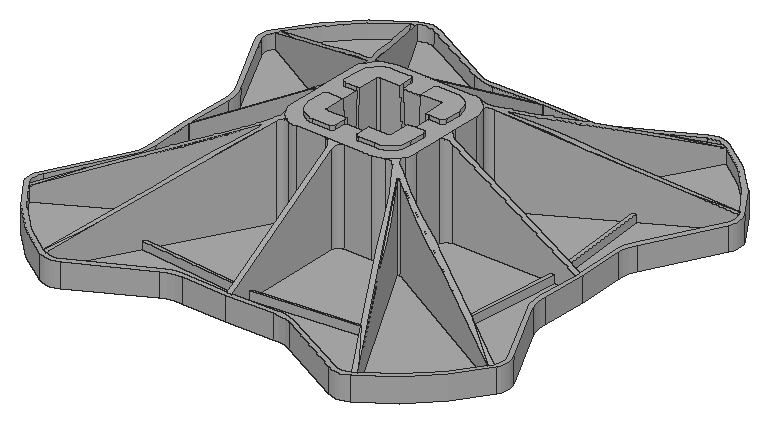
Revit family "Dachhalter BIG FOOT 330", category HLS-Bauteile, Revit 2023
Family settings
  Bemaßung runder Anschluss = Durchmesser verwenden
  Klassifizierung = Keine
  Teiletyp = Normal
  Arbeitsebenenbasiert = Ja
  Immer vertikal = Nein
  Beim Laden mit Abzugskörper schneiden = Nein
  Beschriftungsausrichtung beibehalten = Nein
  Gemeinsam genutzt = Ja
  Raumberechnungspunkt = Nein
Parameters
  vpe = "2"
  passend für = "C-Profil 45/45"
  max. Temperaturbeständigkeit = "80 °C"
  Default Elevation = 1219.2 mm
  Regelhalter [instance] = ""
  Profiltyp = "45"
  Profil = "C-Profil"
  Mengeneinheit = "St"
  Materialname = "Polyamid 6"
  Material = "Kunststoff"
  Länge Platte = 330 mm
  Kurztext2 = "für C-Profil 45/45"
  Kurztext1 = "Dachhalter BIG FOOT® 330"
  Gewicht pro Bauteil = Gewicht  # 1.00 kg
  Gewicht = 1.00 kg
  Fabrikat = "MEFA"
  EAN = "4250928468918"
  Breite Platte = 330 mm
  Artikelnummer = "08197624"
Reference planes
  plane 1 "Mitte (Vorne/hinten)": y = 0
  plane 2: z = 0
  plane 3 "Mitte (Links/rechts)": x = 0
  plane 4 "oben": z = 71
Forms (mm)
  Extrusion 1, solid, material "MEFA PA 6"
    sketch origin (0, 0, 0) x (1, 0, 0) y (0, 1, 0)
      loop
        arc (-92.67, 163.502) -> (-99.992, 165.249) -> (-107.242, 163.219) r 15
        arc (-107.242, 163.219) -> (-138.992, 138.987) -> (-163.222, 107.236) r 150
        arc (-163.222, 107.236) -> (-165.249, 99.989) -> (-163.502, 92.67) r 15
        line (-163.502, 92.67) -> (-138.498, 44.638)
        arc (-138.498, 44.638) -> (-136.225, 38.238) -> (-135.758, 31.463) r 25
        line (-135.758, 31.463) -> (-136.857, 0) -> (-135.758, -31.463)
        arc (-135.758, -31.463) -> (-136.225, -38.238) -> (-138.498, -44.638) r 25
        line (-138.498, -44.638) -> (-163.502, -92.67)
        arc (-163.502, -92.67) -> (-165.249, -99.989) -> (-163.222, -107.236) r 15
        arc (-163.222, -107.236) -> (-138.992, -138.987) -> (-107.242, -163.219) r 150
        arc (-107.242, -163.219) -> (-99.992, -165.249) -> (-92.67, -163.502) r 15
        line (-92.67, -163.502) -> (-44.638, -138.498)
        arc (-44.638, -138.498) -> (-38.238, -136.225) -> (-31.463, -135.758) r 25
        line (-31.463, -135.758) -> (0, -136.857) -> (31.463, -135.758)
        arc (31.463, -135.758) -> (38.238, -136.225) -> (44.638, -138.498) r 25
        line (44.638, -138.498) -> (92.67, -163.502)
        arc (92.67, -163.502) -> (99.992, -165.249) -> (107.242, -163.219) r 15
        arc (107.242, -163.219) -> (138.992, -138.987) -> (163.222, -107.236) r 150
        arc (163.222, -107.236) -> (165.249, -99.989) -> (163.502, -92.67) r 15
        line (163.502, -92.67) -> (138.498, -44.638)
        arc (138.498, -44.638) -> (136.225, -38.238) -> (135.758, -31.463) r 25
        line (135.758, -31.463) -> (136.857, 0) -> (135.758, 31.463)
        arc (135.758, 31.463) -> (136.225, 38.238) -> (138.498, 44.638) r 25
        line (138.498, 44.638) -> (163.502, 92.67)
        arc (163.502, 92.67) -> (165.249, 99.989) -> (163.222, 107.236) r 15
        arc (163.222, 107.236) -> (138.992, 138.987) -> (107.242, 163.219) r 150
        arc (107.242, 163.219) -> (99.992, 165.249) -> (92.67, 163.502) r 15
        line (92.67, 163.502) -> (44.638, 138.498)
        arc (44.638, 138.498) -> (38.238, 136.225) -> (31.463, 135.758) r 25
        line (31.463, 135.758) -> (0, 136.857) -> (-31.463, 135.758)
        arc (-31.463, 135.758) -> (-38.238, 136.225) -> (-44.638, 138.498) r 25
        line (-44.638, 138.498) -> (-92.67, 163.502)
    from 0 to 16.5
  Extrusion 2, void, detail levels medium+fine
    sketch origin (0, 0, 71) x (-1, 0, 0) y (0, -1, 0)
      loop
        line (47.129, -48.49) -> (108.669, -158.691)
        arc (108.669, -158.691) -> (136.711, -136.711) -> (158.691, -108.669) r 148.088
        line (158.691, -108.669) -> (48.49, -47.129)
        arc (48.49, -47.129) -> (47.295, -47.295) -> (47.129, -48.49) r 1
      loop
        line (43.376, -40.304) -> (160.381, -105.644)
        arc (160.381, -105.644) -> (161.998, -99.916) -> (160.665, -94.116) r 12
        line (160.665, -94.116) -> (135.673, -46.108)
        arc (135.673, -46.108) -> (133.099, -38.888) -> (132.582, -31.24) r 27.963
        line (132.582, -31.24) -> (133.667, -2.739) -> (133.667, -1.733) -> (48.085, -1.733)
        arc (48.085, -1.733) -> (44.55, -3.197) -> (43.085, -6.732) r 5
        line (43.085, -6.732) -> (43.085, -25.898)
        arc (43.085, -25.898) -> (42.623, -29.861) -> (41.259, -33.611) r 17.202
        arc (41.259, -33.611) -> (40.959, -37.387) -> (43.376, -40.304) r 5.036
      loop
        arc (47.129, 48.49) -> (47.295, 47.295) -> (48.49, 47.129) r 1
        line (48.49, 47.129) -> (158.691, 108.669)
        arc (158.691, 108.669) -> (136.711, 136.711) -> (108.669, 158.691) r 148.088
        line (108.669, 158.691) -> (47.129, 48.49)
      loop
        arc (43.376, 40.304) -> (40.959, 37.387) -> (41.259, 33.611) r 5.036
        arc (41.259, 33.611) -> (42.623, 29.861) -> (43.085, 25.898) r 17.202
        line (43.085, 25.898) -> (43.085, 6.732)
        arc (43.085, 6.732) -> (44.55, 3.197) -> (48.085, 1.733) r 5
        line (48.085, 1.733) -> (133.667, 1.733) -> (133.667, 2.739) -> (132.582, 31.24)
        arc (132.582, 31.24) -> (133.099, 38.888) -> (135.673, 46.108) r 27.963
        line (135.673, 46.108) -> (160.665, 94.116)
        arc (160.665, 94.116) -> (161.998, 99.916) -> (160.381, 105.644) r 12
        line (160.381, 105.644) -> (43.376, 40.304)
      loop
        arc (40.304, -43.376) -> (37.387, -40.959) -> (33.611, -41.259) r 5.036
        arc (33.611, -41.259) -> (29.861, -42.623) -> (25.898, -43.085) r 17.202
        line (25.898, -43.085) -> (6.732, -43.085)
        arc (6.732, -43.085) -> (3.197, -44.55) -> (1.733, -48.085) r 5
        line (1.733, -48.085) -> (1.733, -133.667) -> (2.739, -133.667) -> (31.24, -132.582)
        arc (31.24, -132.582) -> (38.888, -133.099) -> (46.108, -135.673) r 27.963
        line (46.108, -135.673) -> (94.116, -160.665)
        arc (94.116, -160.665) -> (99.916, -161.998) -> (105.644, -160.381) r 12
        line (105.644, -160.381) -> (40.304, -43.376)
      loop
        line (40.304, 43.376) -> (105.644, 160.381)
        arc (105.644, 160.381) -> (99.916, 161.998) -> (94.116, 160.665) r 12
        line (94.116, 160.665) -> (46.108, 135.673)
        arc (46.108, 135.673) -> (38.888, 133.099) -> (31.24, 132.582) r 27.963
        line (31.24, 132.582) -> (2.739, 133.667) -> (1.733, 133.667) -> (1.733, 48.085)
        arc (1.733, 48.085) -> (3.197, 44.55) -> (6.732, 43.085) r 5
        line (6.732, 43.085) -> (25.898, 43.085)
        arc (25.898, 43.085) -> (29.861, 42.623) -> (33.611, 41.259) r 17.202
        arc (33.611, 41.259) -> (37.387, 40.959) -> (40.304, 43.376) r 5.036
      loop
        arc (-47.129, -48.49) -> (-47.295, -47.295) -> (-48.49, -47.129) r 1
        line (-48.49, -47.129) -> (-158.691, -108.669)
        arc (-158.691, -108.669) -> (-136.711, -136.711) -> (-108.669, -158.691) r 148.088
        line (-108.669, -158.691) -> (-47.129, -48.49)
      loop
        arc (-43.376, -40.304) -> (-40.959, -37.387) -> (-41.259, -33.611) r 5.036
        arc (-41.259, -33.611) -> (-42.623, -29.861) -> (-43.085, -25.898) r 17.202
        line (-43.085, -25.898) -> (-43.085, -6.732)
        arc (-43.085, -6.732) -> (-44.55, -3.197) -> (-48.085, -1.733) r 5
        line (-48.085, -1.733) -> (-133.667, -1.733) -> (-133.667, -2.739) -> (-132.582, -31.24)
        arc (-132.582, -31.24) -> (-133.099, -38.888) -> (-135.673, -46.108) r 27.963
        line (-135.673, -46.108) -> (-160.665, -94.116)
        arc (-160.665, -94.116) -> (-161.998, -99.916) -> (-160.381, -105.644) r 12
        line (-160.381, -105.644) -> (-43.376, -40.304)
      loop
        line (-47.129, 48.49) -> (-108.669, 158.691)
        arc (-108.669, 158.691) -> (-136.711, 136.711) -> (-158.691, 108.669) r 148.088
        line (-158.691, 108.669) -> (-48.49, 47.129)
        arc (-48.49, 47.129) -> (-47.295, 47.295) -> (-47.129, 48.49) r 1
      loop
        line (-43.376, 40.304) -> (-160.381, 105.644)
        arc (-160.381, 105.644) -> (-161.998, 99.916) -> (-160.665, 94.116) r 12
        line (-160.665, 94.116) -> (-135.673, 46.108)
        arc (-135.673, 46.108) -> (-133.099, 38.888) -> (-132.582, 31.24) r 27.963
        line (-132.582, 31.24) -> (-133.667, 2.739) -> (-133.667, 1.733) -> (-48.085, 1.733)
        arc (-48.085, 1.733) -> (-44.55, 3.197) -> (-43.085, 6.732) r 5
        line (-43.085, 6.732) -> (-43.085, 25.898)
        arc (-43.085, 25.898) -> (-42.623, 29.861) -> (-41.259, 33.611) r 17.202
        arc (-41.259, 33.611) -> (-40.959, 37.387) -> (-43.376, 40.304) r 5.036
      loop
        line (-40.304, -43.376) -> (-105.644, -160.381)
        arc (-105.644, -160.381) -> (-99.916, -161.998) -> (-94.116, -160.665) r 12
        line (-94.116, -160.665) -> (-46.108, -135.673)
        arc (-46.108, -135.673) -> (-38.888, -133.099) -> (-31.24, -132.582) r 27.963
        line (-31.24, -132.582) -> (-2.739, -133.667) -> (-1.733, -133.667) -> (-1.733, -48.085)
        arc (-1.733, -48.085) -> (-3.197, -44.55) -> (-6.732, -43.085) r 5
        line (-6.732, -43.085) -> (-25.898, -43.085)
        arc (-25.898, -43.085) -> (-29.861, -42.623) -> (-33.611, -41.259) r 17.202
        arc (-33.611, -41.259) -> (-37.387, -40.959) -> (-40.304, -43.376) r 5.036
      loop
        arc (-40.304, 43.376) -> (-37.387, 40.959) -> (-33.611, 41.259) r 5.036
        arc (-33.611, 41.259) -> (-29.861, 42.623) -> (-25.898, 43.085) r 17.202
        line (-25.898, 43.085) -> (-6.732, 43.085)
        arc (-6.732, 43.085) -> (-3.197, 44.55) -> (-1.733, 48.085) r 5
        line (-1.733, 48.085) -> (-1.733, 133.667) -> (-2.739, 133.667) -> (-31.24, 132.582)
        arc (-31.24, 132.582) -> (-38.888, 133.099) -> (-46.108, 135.673) r 27.963
        line (-46.108, 135.673) -> (-94.116, 160.665)
        arc (-94.116, 160.665) -> (-99.916, 161.998) -> (-105.644, 160.381) r 12
        line (-105.644, 160.381) -> (-40.304, 43.376)
    from -64.5 to 0
  Blend 3, solid, material "MEFA PA 6"
    base sketch origin (0, 0, 71) x (-1, 0, 0) y (0, -1, 0)
      loop
        line (158.691, -108.669) -> (160.381, -105.644)
        arc (160.381, -105.644) -> (161.998, -99.916) -> (160.665, -94.116) r 12
        line (160.665, -94.116) -> (135.673, -46.108)
        arc (135.673, -46.108) -> (133.099, -38.888) -> (132.582, -31.24) r 27.963
        line (132.582, -31.24) -> (133.667, -2.739) -> (133.667, 2.739) -> (132.582, 31.24)
        arc (132.582, 31.24) -> (133.099, 38.888) -> (135.673, 46.108) r 27.963
        line (135.673, 46.108) -> (160.665, 94.116)
        arc (160.665, 94.116) -> (161.998, 99.916) -> (160.381, 105.644) r 12
        line (160.381, 105.644) -> (158.691, 108.669)
        arc (158.691, 108.669) -> (136.705, 136.717) -> (108.655, 158.7) r 148.088
        line (108.655, 158.7) -> (105.644, 160.381)
        arc (105.644, 160.381) -> (99.916, 161.998) -> (94.116, 160.665) r 12
        line (94.116, 160.665) -> (46.108, 135.673)
        arc (46.108, 135.673) -> (38.888, 133.099) -> (31.24, 132.582) r 27.963
        line (31.24, 132.582) -> (2.739, 133.667) -> (-2.739, 133.667) -> (-31.24, 132.582)
        arc (-31.24, 132.582) -> (-38.888, 133.099) -> (-46.108, 135.673) r 27.963
        line (-46.108, 135.673) -> (-94.116, 160.665)
        arc (-94.116, 160.665) -> (-99.916, 161.998) -> (-105.644, 160.381) r 12
        line (-105.644, 160.381) -> (-108.655, 158.7)
        arc (-108.655, 158.7) -> (-136.705, 136.717) -> (-158.691, 108.669) r 148.088
        line (-158.691, 108.669) -> (-160.381, 105.644)
        arc (-160.381, 105.644) -> (-161.998, 99.916) -> (-160.665, 94.116) r 12
        line (-160.665, 94.116) -> (-135.673, 46.108)
        arc (-135.673, 46.108) -> (-133.099, 38.888) -> (-132.582, 31.24) r 27.963
        line (-132.582, 31.24) -> (-133.667, 2.739) -> (-133.667, -2.739) -> (-132.582, -31.24)
        arc (-132.582, -31.24) -> (-133.099, -38.888) -> (-135.673, -46.108) r 27.963
        line (-135.673, -46.108) -> (-160.665, -94.116)
        arc (-160.665, -94.116) -> (-161.998, -99.916) -> (-160.381, -105.644) r 12
        line (-160.381, -105.644) -> (-158.691, -108.669)
        arc (-158.691, -108.669) -> (-136.705, -136.717) -> (-108.655, -158.7) r 148.088
        line (-108.655, -158.7) -> (-105.644, -160.381)
        arc (-105.644, -160.381) -> (-99.916, -161.998) -> (-94.116, -160.665) r 12
        line (-94.116, -160.665) -> (-46.108, -135.673)
        arc (-46.108, -135.673) -> (-38.888, -133.099) -> (-31.24, -132.582) r 27.963
        line (-31.24, -132.582) -> (-2.739, -133.667) -> (2.739, -133.667) -> (31.24, -132.582)
        arc (31.24, -132.582) -> (38.888, -133.099) -> (46.108, -135.673) r 27.963
        line (46.108, -135.673) -> (94.116, -160.665)
        arc (94.116, -160.665) -> (99.916, -161.998) -> (105.644, -160.381) r 12
        line (105.644, -160.381) -> (108.655, -158.7)
        arc (108.655, -158.7) -> (136.705, -136.717) -> (158.691, -108.669) r 148.088
    top sketch origin (0, 0, 71) x (-1, 0, 0) y (0, -1, 0)
      loop
        arc (25.898, -43.085) -> (38.051, -38.051) -> (43.085, -25.898) r 17.188
        line (43.085, -25.898) -> (43.085, 25.898)
        arc (43.085, 25.898) -> (38.051, 38.051) -> (25.898, 43.085) r 17.188
        line (25.898, 43.085) -> (-25.898, 43.085)
        arc (-25.898, 43.085) -> (-38.051, 38.051) -> (-43.085, 25.898) r 17.188
        line (-43.085, 25.898) -> (-43.085, -25.898)
        arc (-43.085, -25.898) -> (-38.051, -38.051) -> (-25.898, -43.085) r 17.188
        line (-25.898, -43.085) -> (25.898, -43.085)
    from -54.5 to 0
  Extrusion 4, void
    sketch origin (0, 0, 71) x (-1, 0, 0) y (0, -1, 0)
      loop
        line (25, -21.026) -> (25, 21.026)
        arc (25, 21.026) -> (23.828, 23.854) -> (21, 25.026) r 4
        line (21, 25.026) -> (-21, 25.026)
        arc (-21, 25.026) -> (-23.828, 23.854) -> (-25, 21.026) r 4
        line (-25, 21.026) -> (-25, -21.026)
        arc (-25, -21.026) -> (-23.828, -23.854) -> (-21, -25.026) r 4
        line (-21, -25.026) -> (21, -25.026)
        arc (21, -25.026) -> (23.828, -23.854) -> (25, -21.026) r 4
    from -57 to 0
  Extrusion 5, solid, material "MEFA PA 6"
    sketch origin (0, 0, 0) x (1, 0, 0) y (0, 1, 0)
      loop
        arc (-118.856, 0.125) -> (-116.954, -39.267) -> (-111.357, -78.307) r 418.933
        line (-111.357, -78.307) -> (-109.549, -77.297)
        arc (-109.549, -77.297) -> (-115.003, -38.756) -> (-116.856, 0.125) r 418.933
        arc (-116.856, 0.125) -> (-114.991, 38.881) -> (-109.549, 77.297) r 419.112
        line (-109.549, 77.297) -> (-111.357, 78.307)
        arc (-111.357, 78.307) -> (-116.942, 39.392) -> (-118.856, 0.125) r 419.112
      loop
        arc (-0.125, 118.856) -> (-39.392, 116.942) -> (-78.307, 111.357) r 419.112
        line (-78.307, 111.357) -> (-77.297, 109.549)
        arc (-77.297, 109.549) -> (-38.881, 114.991) -> (-0.125, 116.856) r 419.112
        arc (-0.125, 116.856) -> (38.756, 115.003) -> (77.297, 109.549) r 418.933
        line (77.297, 109.549) -> (78.307, 111.357)
        arc (78.307, 111.357) -> (39.267, 116.954) -> (-0.125, 118.856) r 418.933
      loop
        arc (0.125, -118.856) -> (39.392, -116.942) -> (78.307, -111.357) r 419.112
        line (78.307, -111.357) -> (77.297, -109.549)
        arc (77.297, -109.549) -> (38.881, -114.991) -> (0.125, -116.856) r 419.112
        arc (0.125, -116.856) -> (-38.756, -115.003) -> (-77.297, -109.549) r 418.933
        line (-77.297, -109.549) -> (-78.307, -111.357)
        arc (-78.307, -111.357) -> (-39.267, -116.954) -> (0.125, -118.856) r 418.933
      loop
        arc (118.856, -0.125) -> (116.954, 39.267) -> (111.357, 78.307) r 418.933
        line (111.357, 78.307) -> (109.549, 77.297)
        arc (109.549, 77.297) -> (115.003, 38.756) -> (116.856, -0.125) r 418.933
        arc (116.856, -0.125) -> (114.991, -38.881) -> (109.549, -77.297) r 419.112
        line (109.549, -77.297) -> (111.357, -78.307)
        arc (111.357, -78.307) -> (116.942, -39.392) -> (118.856, -0.125) r 419.112
    from 0 to 12
Cuts and joins
  Extrusion 2, Extrusion 4 cuts Extrusion 1
  Extrusion 2, Extrusion 4 cuts Blend 3
  joined: Extrusion 1, Blend 3
Dimensions and locks
  locked: plane 4 "oben" to level at 71
  aligned and locked: level to plane 2
Nested families
  nested 1: "BigFoot Einsatz" at (0, 0, 71), type "BigFoot Einsatz"
    with Regelhalter ""
Definition of nested family "BigFoot Einsatz"
  Parameters (values of type "BigFoot Einsatz")
    Default Elevation = 1219.2 mm
    Regelhalter [instance] = ""
    Gewicht pro Bauteil = Gewicht  # 0.00 kg
    Gewicht = 0.00 kg
    Artikelnummer = ""
  Reference planes
    plane 1 "Mitte (Vorne/hinten)": y = 0
    plane 2: z = 0
    plane 3 "Mitte (Links/rechts)": x = 0
    plane 4 "oben": z = 2.5
    plane 5: z = -59.5
    plane 6: z = -57
    plane 7: y = 7.5
    plane 8: y = -7.5
  Forms (mm)
    Extrusion 1, solid
      sketch origin (0, 0, 0) x (1, 0, 0) y (0, 1, 0)
        loop
          arc (-35.095, 10) -> (-34.363, 8.232) -> (-32.595, 7.5) r 2.5
          line (-32.595, 7.5) -> (-25, 7.5) -> (-25, -7.5) -> (-32.595, -7.5)
          arc (-32.595, -7.5) -> (-34.363, -8.232) -> (-35.095, -10) r 2.5
          line (-35.095, -10) -> (-35.095, -21.013)
          arc (-35.095, -21.013) -> (-31.022, -30.848) -> (-21.187, -34.922) r 13.909
          line (-21.187, -34.922) -> (-10.025, -34.922)
          arc (-10.025, -34.922) -> (-8.257, -34.19) -> (-7.525, -32.422) r 2.5
          line (-7.525, -32.422) -> (-7.525, -25.026) -> (7.525, -25.026) -> (7.525, -32.422)
          arc (7.525, -32.422) -> (8.257, -34.19) -> (10.025, -34.922) r 2.5
          line (10.025, -34.922) -> (21.187, -34.922)
          arc (21.187, -34.922) -> (31.022, -30.848) -> (35.095, -21.013) r 13.909
          line (35.095, -21.013) -> (35.095, -10)
          arc (35.095, -10) -> (34.363, -8.232) -> (32.595, -7.5) r 2.5
          line (32.595, -7.5) -> (25, -7.5) -> (25, 7.5) -> (32.595, 7.5)
          arc (32.595, 7.5) -> (34.363, 8.232) -> (35.095, 10) r 2.5
          line (35.095, 10) -> (35.095, 21.013)
          arc (35.095, 21.013) -> (31.022, 30.848) -> (21.187, 34.922) r 13.909
          line (21.187, 34.922) -> (10.025, 34.922)
          arc (10.025, 34.922) -> (8.257, 34.19) -> (7.525, 32.422) r 2.5
          line (7.525, 32.422) -> (7.525, 25.026) -> (-7.525, 25.026) -> (-7.525, 32.422)
          arc (-7.525, 32.422) -> (-8.257, 34.19) -> (-10.025, 34.922) r 2.5
          line (-10.025, 34.922) -> (-21.187, 34.922)
          arc (-21.187, 34.922) -> (-31.022, 30.848) -> (-35.095, 21.013) r 13.909
          line (-35.095, 21.013) -> (-35.095, 10)
        loop
          line (-22.687, 21.013) -> (-22.687, -21.187)
          arc (-22.687, -21.187) -> (-22.247, -22.247) -> (-21.187, -22.687) r 1.5
          line (-21.187, -22.687) -> (21.013, -22.687)
          arc (21.013, -22.687) -> (22.074, -22.247) -> (22.513, -21.187) r 1.5
          line (22.513, -21.187) -> (22.513, 21.013)
          arc (22.513, 21.013) -> (22.074, 22.074) -> (21.013, 22.513) r 1.5
          line (21.013, 22.513) -> (-21.187, 22.513)
          arc (-21.187, 22.513) -> (-22.247, 22.074) -> (-22.687, 21.013) r 1.5
      from 0 to 2.5
    Extrusion 2, solid
      sketch origin (0, 0, 0) x (1, 0, 0) y (0, 1, 0)
        loop
          line (25, -21.026) -> (25, 21.026)
          arc (25, 21.026) -> (23.828, 23.854) -> (21, 25.026) r 4
          line (21, 25.026) -> (-21, 25.026)
          arc (-21, 25.026) -> (-23.828, 23.854) -> (-25, 21.026) r 4
          line (-25, 21.026) -> (-25, -21.026)
          arc (-25, -21.026) -> (-23.828, -23.854) -> (-21, -25.026) r 4
          line (-21, -25.026) -> (21, -25.026)
          arc (21, -25.026) -> (23.828, -23.854) -> (25, -21.026) r 4
      from 2.5 to -59.5
    Extrusion 3, void
      sketch origin (0, 0, 0) x (1, 0, 0) y (0, 1, 0)
        loop
          arc (-21.187, 22.513) -> (-22.247, 22.074) -> (-22.687, 21.013) r 1.5
          line (-22.687, 21.013) -> (-22.687, -21.187)
          arc (-22.687, -21.187) -> (-22.247, -22.247) -> (-21.187, -22.687) r 1.5
          line (-21.187, -22.687) -> (21.013, -22.687)
          arc (21.013, -22.687) -> (22.074, -22.247) -> (22.513, -21.187) r 1.5
          line (22.513, -21.187) -> (22.513, 21.013)
          arc (22.513, 21.013) -> (22.074, 22.074) -> (21.013, 22.513) r 1.5
          line (21.013, 22.513) -> (-21.187, 22.513)
      from 2.5 to -57
    Extrusion 4, void, detail levels fine
      sketch origin (0, 0, 0) x (1, 0, 0) y (0, 0, 1)
        loop
          line (-7.468, 2.5) -> (-5.225, -40.31)
          arc (-5.225, -40.31) -> (0, -45.015) -> (5.225, -40.31) r 5.253
          line (5.225, -40.31) -> (7.468, 2.5) -> (-7.468, 2.5)
      from 22.687 to 25.026
    Extrusion 5, void, detail levels fine
      sketch origin (0, 0, 0) x (0, -1, 0) y (0, 0, -1)
        loop
          line (-7.468, -2.5) -> (7.468, -2.5) -> (5.225, 40.31)
          arc (5.225, 40.31) -> (0, 45.015) -> (-5.225, 40.31) r 5.253
          line (-5.225, 40.31) -> (-7.468, -2.5)
      from 22.513 to 25
    Extrusion 6, void, detail levels fine
      sketch origin (0, 0, 0) x (1, 0, 0) y (0, 0, -1)
        loop
          line (-7.468, -2.5) -> (7.468, -2.5) -> (5.225, 40.31)
          arc (5.225, 40.31) -> (0, 45.015) -> (-5.225, 40.31) r 5.253
          line (-5.225, 40.31) -> (-7.468, -2.5)
      from 22.513 to 25.026
    Extrusion 7, void, detail levels fine
      sketch origin (0, 0, 0) x (0, -1, 0) y (0, 0, 1)
        loop
          line (-7.468, 2.5) -> (-5.225, -40.31)
          arc (-5.225, -40.31) -> (0, -45.015) -> (5.225, -40.31) r 5.253
          line (5.225, -40.31) -> (7.468, 2.5) -> (-7.468, 2.5)
      from 22.687 to 25
  Cuts and joins
    Extrusion 3, Extrusion 4, Extrusion 5, Extrusion 6, Extrusion 7 cuts Extrusion 1
    Extrusion 3, Extrusion 4, Extrusion 5, Extrusion 6, Extrusion 7 cuts Extrusion 2
    joined: Extrusion 1, Extrusion 2
  Dimensions and locks
    Extrusion 1 sketch curve to Extrusion 1 sketch curve = 50.051 mm
    Extrusion 1 sketch curve to Extrusion 1 sketch curve = 50 mm
    Extrusion 1 sketch curve to plane 3 "Mitte (Links/rechts)" to Extrusion 1 sketch curve = 25 mm, 25 mm
    Extrusion 1 sketch curve to plane 1 "Mitte (Vorne/hinten)" to Extrusion 1 sketch curve = 25.026 mm, 25.026 mm
    equal spacing: Extrusion 1 sketch curve, plane 3 "Mitte (Links/rechts)", Extrusion 1 sketch curve  (x2)
    equal spacing: Extrusion 1 sketch curve, plane 1 "Mitte (Vorne/hinten)", Extrusion 1 sketch curve  (x2)
    plane 4 "oben" to level = 2.5 mm
    plane 7 to plane 1 "Mitte (Vorne/hinten)" = 7.5 mm
    aligned and locked: level to plane 2
    aligned and locked: Extrusion 2 to plane 5
